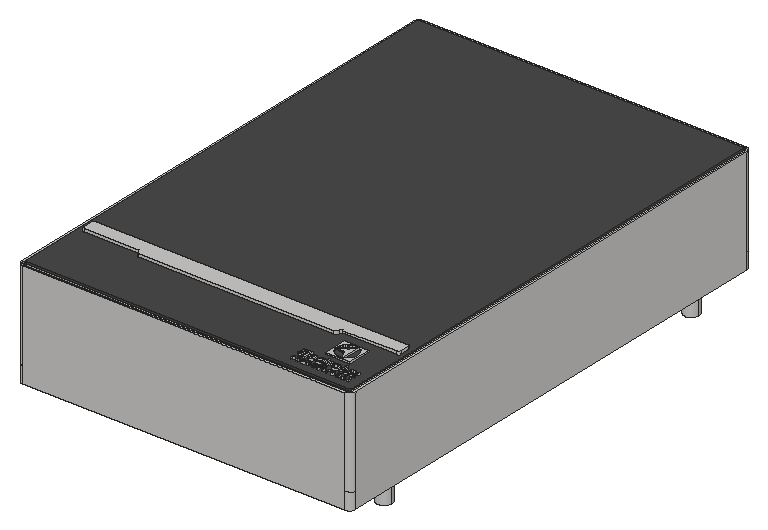
Revit family "QF_ELECTROLUXPROFESSIONAL_600901_E1HDEEOMCU", category Specialty Equipment, Revit 2018 (continued)
Definition of nested family "ELX_Logo_Professional"
  Forms (mm)
    Extrusion 2, solid
      sketch origin (-144.622, -1081.55, 0) x (-1, 0, 0) y (0, -1, 0)
        loop
          line (-146.239, -1091.065) -> (-145.452, -1092.432) -> (-144.488, -1093.693) -> (-143.367, -1094.833) -> (-142.111, -1095.838) -> (-140.741, -1096.693) -> (-139.278, -1097.383) -> (-137.743, -1097.894) -> (-136.157, -1098.211) -> (-134.541, -1098.32) -> (-131.822, -1098.32) -> (-131.976, -1096.81) -> (-132.312, -1095.353) -> (-132.818, -1093.961) -> (-133.481, -1092.644) -> (-134.291, -1091.416) -> (-135.235, -1090.288) -> (-136.302, -1089.272) -> (-137.48, -1088.379) -> (-138.757, -1087.622) -> (-140.121, -1087.012) -> (-141.56, -1086.561) -> (-143.063, -1086.281) -> (-144.633, -1086.183)
          arc (-144.633, -1086.183) -> (-145.985, -1086.264) -> (-147.323, -1086.473) r 14.39
        loop
          line (-111.329, -1069.559) -> (-111.329, -1071.073) -> (-116.048, -1071.073) -> (-116.048, -1072.896) -> (-111.328, -1072.896) -> (-111.328, -1075.549) -> (-116.349, -1075.549) -> (-116.349, -1077.368) -> (-109.396, -1077.368) -> (-109.396, -1073.46) -> (-109.396, -1069.659)
          arc (-109.396, -1069.659) -> (-110.425, -1067.175) -> (-112.909, -1066.146) r 3.513
          line (-112.909, -1066.146) -> (-116.483, -1066.146) -> (-116.483, -1067.963) -> (-112.925, -1067.963)
          arc (-112.925, -1067.963) -> (-111.797, -1068.431) -> (-111.329, -1069.559) r 1.596
        loop
          line (-119.79, -1077.358) -> (-117.856, -1077.358) -> (-117.856, -1072.053) -> (-117.856, -1066.132) -> (-119.79, -1066.132) -> (-119.79, -1072.092) -> (-119.79, -1077.358)
        loop
          line (-122.986, -1069.718) -> (-129.327, -1069.718)
          arc (-129.327, -1069.718) -> (-129.219, -1071.449) -> (-128.497, -1073.026) r 4.757
          arc (-128.497, -1073.026) -> (-125.237, -1074.5) -> (-121.978, -1073.026) r 4.34
          arc (-121.978, -1073.026) -> (-121.072, -1070.207) -> (-121.978, -1067.388) r 4.838
          arc (-121.978, -1067.388) -> (-125.393, -1065.933) -> (-128.809, -1067.388) r 4.737
          line (-128.809, -1067.388) -> (-127.645, -1068.52)
          arc (-127.645, -1068.52) -> (-125.509, -1067.576) -> (-123.374, -1068.52) r 2.888
          arc (-123.374, -1068.52) -> (-123.05, -1069.077) -> (-122.986, -1069.718) r 1.527
        loop
          arc (-127.386, -1071.076) -> (-126.67, -1072.331) -> (-125.331, -1072.872) r 2.201
          arc (-125.331, -1072.872) -> (-123.848, -1072.402) -> (-123.033, -1071.076) r 2.23
          line (-123.033, -1071.076) -> (-127.386, -1071.076)
        loop
          line (-136.862, -1071.886) -> (-138.059, -1073.132)
          arc (-138.059, -1073.132) -> (-130.327, -1070.219) -> (-138.059, -1067.306) r 4.415
          line (-138.059, -1067.306) -> (-136.862, -1068.553)
          arc (-136.862, -1068.553) -> (-132.252, -1070.22) -> (-136.862, -1071.886) r 2.606
        loop
          line (-141.192, -1069.673) -> (-141.192, -1072.494) -> (-142.951, -1072.494) -> (-142.951, -1074.25) -> (-141.195, -1074.25) -> (-141.195, -1077.358) -> (-139.262, -1077.358) -> (-139.262, -1073.332) -> (-139.262, -1069.514)
          arc (-139.262, -1069.514) -> (-140.299, -1066.92) -> (-142.98, -1066.132) r 3.196
          line (-142.98, -1066.132) -> (-142.987, -1067.949)
          arc (-142.987, -1067.949) -> (-141.652, -1068.356) -> (-141.192, -1069.673) r 1.542
        loop
          line (-146.494, -1073.042) -> (-146.494, -1074.25) -> (-144.576, -1074.25) -> (-144.576, -1070.271) -> (-144.576, -1066.132) -> (-146.494, -1066.132) -> (-146.494, -1070.401)
          arc (-146.494, -1070.401) -> (-147.446, -1072.228) -> (-149.489, -1072.494) r 2.229
          line (-149.489, -1072.494) -> (-149.489, -1074.362)
          arc (-149.489, -1074.362) -> (-147.761, -1074.226) -> (-146.494, -1073.042) r 2.627
        loop
          line (-159.833, -1072.246) -> (-159.833, -1066.131) -> (-161.767, -1066.131) -> (-161.767, -1072.17) -> (-161.767, -1077.359) -> (-159.833, -1077.359) -> (-159.833, -1072.246)
        loop
          line (-165.194, -1069.514) -> (-165.194, -1074.25) -> (-163.245, -1074.25) -> (-163.245, -1071.898) -> (-163.245, -1069.098)
          arc (-163.245, -1069.098) -> (-166.96, -1065.769) -> (-170.687, -1069.085) r 3.745
          line (-170.687, -1069.085) -> (-170.687, -1071.898) -> (-170.687, -1074.25) -> (-168.739, -1074.25) -> (-168.739, -1069.514)
          arc (-168.739, -1069.514) -> (-166.967, -1067.742) -> (-165.194, -1069.514) r 1.772
        loop
          line (-174.654, -1070.416) -> (-172.975, -1068.078) -> (-171.578, -1066.131) -> (-173.656, -1066.131) -> (-175.717, -1068.999) -> (-177.779, -1066.131) -> (-179.857, -1066.131) -> (-178, -1068.728) -> (-176.781, -1070.433) -> (-178.29, -1072.488) -> (-179.583, -1074.25) -> (-177.473, -1074.25) -> (-175.717, -1071.818) -> (-173.945, -1074.25) -> (-171.852, -1074.25) -> (-173.052, -1072.608) -> (-174.654, -1070.416)
        loop
          circle (-154.223, -1070.188) r 2.508
        loop
          circle (-154.223, -1070.188) r 4.42
        loop
          line (-110.224, -1058.542) -> (-111.194, -1058.542)
          arc (-111.194, -1058.542) -> (-112.217, -1059.95) -> (-110.924, -1061.114) r 1.3
          line (-110.924, -1061.114) -> (-109.424, -1061.114) -> (-109.424, -1057.223) -> (-110.224, -1057.223) -> (-110.224, -1058.542)
        loop
          line (-110.224, -1060.379) -> (-110.224, -1059.293) -> (-111.03, -1059.293)
          arc (-111.03, -1059.293) -> (-111.43, -1059.836) -> (-111.03, -1060.379) r 0.569
          line (-111.03, -1060.379) -> (-110.224, -1060.379)
        loop
          line (-116.302, -1058.564) -> (-117.128, -1058.564) -> (-117.934, -1057.223) -> (-118.841, -1057.223) -> (-117.833, -1058.884)
          arc (-117.833, -1058.884) -> (-118.214, -1060.282) -> (-117.028, -1061.114) r 1.26
          line (-117.028, -1061.114) -> (-115.503, -1061.114) -> (-115.503, -1057.223) -> (-116.302, -1057.223) -> (-116.302, -1058.564)
        loop
          line (-116.302, -1060.379) -> (-116.302, -1059.293) -> (-117.109, -1059.293)
          arc (-117.109, -1059.293) -> (-117.508, -1059.836) -> (-117.109, -1060.379) r 0.569
          line (-117.109, -1060.379) -> (-116.302, -1060.379)
        loop
          line (-128.923, -1057.223) -> (-129.723, -1057.223) -> (-129.723, -1058.714) -> (-131.187, -1058.714) -> (-131.187, -1059.514) -> (-129.723, -1059.514) -> (-129.723, -1060.314) -> (-131.327, -1060.314) -> (-131.327, -1061.114) -> (-128.923, -1061.114) -> (-128.923, -1057.223)
        loop
          arc (-134.628, -1058.469) -> (-134.992, -1057.588) -> (-135.874, -1057.223) r 1.246
          line (-135.874, -1057.223) -> (-137.13, -1057.223) -> (-137.13, -1058.023) -> (-135.969, -1058.023)
          arc (-135.969, -1058.023) -> (-135.53, -1058.237) -> (-135.427, -1058.714) r 0.558
          line (-135.427, -1058.714) -> (-136.984, -1058.714) -> (-136.984, -1059.514) -> (-135.427, -1059.514) -> (-135.427, -1060.314) -> (-137.092, -1060.314) -> (-137.092, -1061.114) -> (-134.628, -1061.114) -> (-134.628, -1058.469)
        loop
          line (-152.3, -1057.223) -> (-153.1, -1057.223) -> (-153.1, -1061.114) -> (-152.3, -1061.114) -> (-152.3, -1057.223)
        loop
          line (-164.67, -1057.223) -> (-164.67, -1059.67) -> (-166.45, -1057.223) -> (-167.25, -1057.223) -> (-167.25, -1061.114) -> (-166.42, -1061.114) -> (-166.42, -1058.594) -> (-164.64, -1061.114) -> (-163.84, -1061.114) -> (-163.84, -1057.223) -> (-164.67, -1057.223)
        loop
          line (-170.403, -1057.223) -> (-171.262, -1057.223) -> (-171.641, -1058.063) -> (-173.08, -1058.063) -> (-173.459, -1057.223) -> (-174.317, -1057.223) -> (-172.796, -1061.113) -> (-171.996, -1061.113) -> (-170.403, -1057.223)
        loop
          line (-177.493, -1057.223) -> (-179.789, -1057.223) -> (-179.789, -1058.023) -> (-178.293, -1058.023) -> (-178.293, -1061.114) -> (-177.493, -1061.114) -> (-177.493, -1057.223)
        loop
          line (-172.362, -1059.848) -> (-171.945, -1058.83) -> (-172.76, -1058.83) -> (-172.362, -1059.848)
        loop
          circle (-158.484, -1059.145) r 1.288
        loop
          circle (-158.484, -1059.145) r 2.065
        loop
          arc (-146.04, -1058.095) -> (-146.933, -1057.275) -> (-148.145, -1057.245) r 1.725
          arc (-148.145, -1057.245) -> (-148.965, -1058.02) -> (-148.68, -1059.111) r 1.107
          arc (-148.68, -1059.111) -> (-148.103, -1059.465) -> (-147.486, -1059.746) r 5.523
          arc (-147.486, -1059.746) -> (-147.147, -1060.262) -> (-147.708, -1060.52) r 0.407
          arc (-147.708, -1060.52) -> (-148.045, -1060.315) -> (-148.325, -1060.038) r 1.702
          line (-148.325, -1060.038) -> (-149.011, -1060.45)
          arc (-149.011, -1060.45) -> (-148.578, -1060.911) -> (-148.043, -1061.247) r 2.463
          arc (-148.043, -1061.247) -> (-146.373, -1060.466) -> (-147.42, -1058.949) r 1.207
          spline (-147.42, -1058.949) -> (-147.716, -1058.809) -> (-147.932, -1058.678) -> (-148.077, -1058.557) -> (-148.163, -1058.446) -> (-148.198, -1058.347) -> (-148.192, -1058.258) -> (-148.157, -1058.182) -> (-148.102, -1058.118) -> (-148.037, -1058.068) -> (-147.972, -1058.031) -> (-147.917, -1058.008) -> (-147.883, -1058)
          arc (-147.883, -1058) -> (-147.238, -1058.014) -> (-146.759, -1058.446) r 0.925
          line (-146.759, -1058.446) -> (-146.04, -1058.095)
        loop
          arc (-140.18, -1058.095) -> (-141.073, -1057.275) -> (-142.285, -1057.245) r 1.725
          arc (-142.285, -1057.245) -> (-143.106, -1058.02) -> (-142.821, -1059.111) r 1.107
          arc (-142.821, -1059.111) -> (-142.243, -1059.465) -> (-141.627, -1059.746) r 5.523
          arc (-141.627, -1059.746) -> (-141.287, -1060.262) -> (-141.849, -1060.52) r 0.407
          arc (-141.849, -1060.52) -> (-142.185, -1060.315) -> (-142.466, -1060.038) r 1.702
          line (-142.466, -1060.038) -> (-143.151, -1060.45)
          arc (-143.151, -1060.45) -> (-142.719, -1060.911) -> (-142.183, -1061.247) r 2.463
          arc (-142.183, -1061.247) -> (-140.513, -1060.466) -> (-141.56, -1058.949) r 1.207
          spline (-141.56, -1058.949) -> (-141.856, -1058.809) -> (-142.072, -1058.678) -> (-142.218, -1058.557) -> (-142.303, -1058.446) -> (-142.338, -1058.347) -> (-142.333, -1058.258) -> (-142.298, -1058.182) -> (-142.242, -1058.118) -> (-142.177, -1058.068) -> (-142.112, -1058.031) -> (-142.057, -1058.008) -> (-142.023, -1058)
          arc (-142.023, -1058) -> (-141.378, -1058.014) -> (-140.9, -1058.446) r 0.925
          line (-140.9, -1058.446) -> (-140.18, -1058.095)
        loop
          circle (-123.484, -1059.145) r 1.288
        loop
          circle (-123.484, -1059.145) r 2.065
      from 0 to 1.6
  Dimensions and locks
    aligned and locked: plane 2 to Extrusion 1
    aligned and locked: level to Extrusion 1
Types (2, lengths in mm): name | URL | Manufacturer | Phase | Model | Description
  (no name) | 0 | 0 | 0 | 0 | 0
  Standard | "http://professional.electrolux.com" | "Electrolux Professional" | 1 | "E1HDEEOMCS" | "PLUG-IN INDUCTION MONO ZONE COOK TOP"
